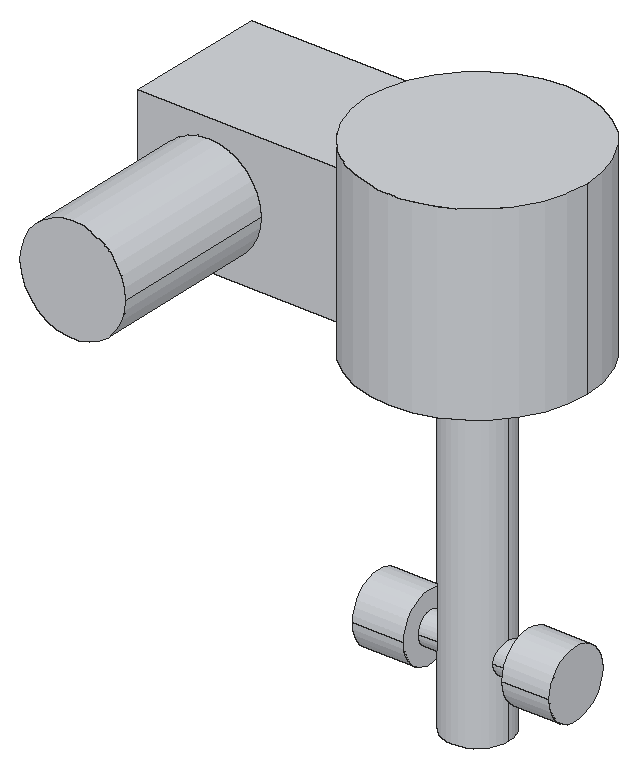
Revit family "ad7ba452affa4f8d8193190e4c87c834", category Pipe Accessories, Revit 2021
Family settings
  Round Connector Dimension = Use Radius
  Part Type = Valve - Breaks Into
  OmniClass Number = 23.65.55.14.17
  OmniClass Title = Adjusting/Controlling Valves for Liquid Services
  Seek Item ID = Solenoid Valve - 0.25-0.375 Inch-0000-USA-ENU
  Work Plane-Based = No
  Always vertical = Yes
  Cut with Voids When Loaded = No
  Shared = No
Parameters (values of type "1/4"")
  Valve Material = none
  Outside Radius = Outside Diameter / 2  # 0' - 0 1/8"
  Outside Diameter = 0' - 0 1/4"
  Nominal Radius = 1/8"
  Nominal Diameter = 2 * Nominal Radius  # 1/4"
  K Coefficient = 0.41
  Flange Radius = Flange Diameter / 2  # 0' - 0 17/64"
  Flange Diameter = 0' - 0 17/32"
  Default Elevation = 0' - 0"
Types (3): name | Outside Radius | Outside Diameter | Nominal Radius | Nominal Diameter | K Coefficient | Flange Radius | Flange Diameter
  (no name) | 0' - 0 1/8" | 0' - 0 1/4" | 1/8" | 1/4" | 0.41 | 0' - 0 17/64" | 0' - 0 17/32"
  1/4" | 0' - 0 1/8" | 0' - 0 1/4" | 1/8" | 1/4" | 0.41 | 0' - 0 17/64" | 0' - 0 17/32"
  3/8" | 0' - 0 3/16" | 0' - 0 3/8" | 3/16" | 3/8" | 1.36 | 0' - 0 11/32" | 0' - 0 11/16"
Reference planes (in)
  plane 1 "Center (Front/Back)": y = 0
  plane 2: z = 0
  plane 3 "Center (Left/Right)": x = 0
  plane 4: x = 0.40625
  plane 5: x = -2.25
  plane 6: x = -1.6875
  plane 7: x = -0.375
  plane 8: x = 0.78125
  plane 9: z = -0.59375
  plane 10: z = 2.09375
  plane 11: z = 3.59375
  plane 12: z = 2.84375
  plane 13: y = -1.90625
  plane 14: z = 0.45105
  plane 15: x = -0.78125
  plane 16: z = 1.25371
Forms (in)
  Extrusion 1, solid, material <- "Valve Material", detail levels fine
    sketch origin (0, 0, 0) x (0, 1, 0) y (0, 0, 1)
      loop
        circle (0, 0) r 0.26562
    from 0.78125 to 0.40625
  Extrusion 2, solid, material <- "Valve Material", detail levels fine
    sketch origin (0, 0, 0) x (0, 1, 0) y (0, 0, -1)
      loop
        circle (0, 0) r 0.26562
    from 0.78125 to 0.375
  Extrusion 3, solid, material <- "Valve Material", detail levels fine
    sketch origin (-0.8125, 0, 0) x (0, 1, 0) y (0, 0, 1)
      loop
        circle (0, 0) r 0.125
    from 1.21875 to 0.4375
  Extrusion 4, solid, material <- "Valve Material", detail levels fine
    sketch origin (0, 0, 0) x (1, 0, 0) y (0, 1, 0)
      loop
        circle (0, 0) r 0.25
    from -0.59375 to 2.09375
  Extrusion 5, solid, material <- "Valve Material", detail levels fine
    sketch origin (0, 0, 0) x (1, 0, 0) y (0, 1, 0)
      loop
        circle (0, 0) r 0.875
    from 2.09375 to 3.59375
  Extrusion 6, solid, material <- "Valve Material", detail levels fine
    sketch origin (0, 0.04232, 0.03427) x (0, 1, 0) y (0, 0, 1)
      loop
        line (0.52855, 3.37198) -> (-0.60482, 3.37198) -> (-0.60482, 2.27765) -> (0.52855, 2.27765) -> (0.52855, 3.37198)
    from 0 to -2.25
  Extrusion 7, solid, material <- "Valve Material", detail levels fine
    sketch origin (0, 0, 0) x (1, 0, 0) y (0, 0, 1)
      loop
        circle (-1.6875, 2.84375) r 0.41888
    from 0 to 1.90625
Cuts and joins
  joined: Extrusion 3, Extrusion 4
  joined: Extrusion 5, Extrusion 6, Extrusion 7
Lines and regions (in)
  model lines, detail levels coarse+medium
    curve 1: line (0, 0, 0) -> (0.78125, 0, 0.45105)
    curve 2: line (0, 0, 0) -> (0.78125, 0, -0.45105)
    curve 3: line (0, 0, 0) -> (-0.78125, 0, 0.45105)
    curve 4: line (0, 0, 0) -> (-0.78125, 0, -0.45105)
    curve 5: line (0.78125, 0, 0.45105) -> (0.78125, 0, -0.45105)
    curve 6: line (-0.78125, 0, 0.45105) -> (-0.78125, 0, -0.45105)
    curve 7: line (-0.78125, 0, 2.09375) -> (0.78125, 0, 2.09375)
    curve 8: arc (-0.03125, 0, 1.41) -> (-0.14712, 0, 1.67666) -> (0.1195, 0, 1.56071) r 0.15625
    curve 9: arc (-0.03125, 0, 1.41) -> (0.08466, 0, 1.14338) -> (-0.182, 0, 1.25921) r 0.15625
    curve 10: line (0.78125, 0, 0.72266) -> (-0.78125, 0, 0.72266)
    curve 11: line (0.78125, 0, 2.09375) -> (0.78125, 0, 0.72266)
    curve 12: line (-0.78125, 0, 2.09375) -> (-0.78125, 0, 0.72266)
    curve 13: line (0, 0, 0) -> (0, 0, 0.72266)
Dimensions and locks (in)
  plane 4 to plane 3 "Center (Left/Right)" = 0' - 0 13/32"
  locked: plane 2 to plane 9 at 0.59375
  locked: plane 10 to plane 2 at 2.09375
  locked: plane 11 to plane 10 at 1.5
  equal spacing: plane 11, plane 12, plane 10
  locked: plane 1 "Center (Front/Back)" to Extrusion 6 at 0.5625
  locked: Extrusion 6 to plane 1 "Center (Front/Back)" at 0.57087
  plane 12 to Extrusion 6 = 0' - 0.53183"
  Extrusion 6 to plane 12 = 0' - 0 9/16"
  locked: plane 1 "Center (Front/Back)" to plane 13 at 1.90625
  "Flange Radius": radius of Extrusion 1 sketch curve
  "Flange Radius": radius of Extrusion 2 sketch curve
  "Outside Radius": radius of Extrusion 3 sketch curve
  radius of Extrusion 4 sketch curve = 0' - 0 1/4"
  aligned and locked: plane 1 "Center (Front/Back)" to Extrusion 1 sketch curve
  aligned and locked: plane 2 to Extrusion 1 sketch curve
  aligned and locked: plane 4 to Extrusion 1
  aligned and locked: plane 8 to Extrusion 1
  aligned and locked: plane 1 "Center (Front/Back)" to Extrusion 3 sketch curve
  aligned and locked: level to Extrusion 3 sketch curve
  aligned and locked: plane 2 to Extrusion 2 sketch curve
  aligned and locked: plane 1 "Center (Front/Back)" to Extrusion 2 sketch curve
  aligned and locked: plane 4 to Extrusion 3
  aligned and locked: Extrusion 3 to plane 7
  aligned and locked: plane 7 to Extrusion 2
  aligned and locked: Extrusion 4 to plane 9
  aligned and locked: plane 10 to Extrusion 4
  aligned and locked: plane 3 "Center (Left/Right)" to Extrusion 5 sketch curve
  aligned and locked: Extrusion 5 to plane 10
  aligned and locked: plane 11 to Extrusion 5
  aligned and locked: plane 3 "Center (Left/Right)" to Extrusion 6
  aligned and locked: Extrusion 6 to plane 5
  aligned and locked: plane 6 to Extrusion 7 sketch curve
  aligned and locked: plane 12 to Extrusion 7 sketch curve
  aligned and locked: Extrusion 7 to plane 13
  aligned and locked: plane 3 "Center (Left/Right)" to curve 2
  aligned and locked: plane 2 to curve 2
  aligned and locked: plane 8 to curve 2
  aligned and locked: curve 5 to plane 8
  aligned and locked: curve 11 to plane 8
  aligned and locked: curve 12 to plane 15
Automatic sketch dimensions
  Extrusion 4 sketch curve to plane 1 "Center (Front/Back)" = 0' - 0"
  Extrusion 4 sketch curve to plane 3 "Center (Left/Right)" = 0' - 0"
  Extrusion 5 sketch curve to plane 1 "Center (Front/Back)" = 0' - 0"
  Extrusion 6 sketch curve to plane 11 = 0' - 0 3/16"
  plane 1 "Center (Front/Back)" to Extrusion 6 sketch curve = 0' - 0 9/16"
  plane 10 to Extrusion 6 sketch curve = 0' - 0.21817"
  Extrusion 6 sketch curve to plane 1 "Center (Front/Back)" = 0' - 0.57087"
  curve 4 to plane 15 = 0' - 0"
  curve 6 to plane 14 = 0' - 0"
  curve 1 to plane 14 = 0' - 0"
  curve 7 to plane 10 = 0' - 0"
  plane 16 to curve 9 = 0' - 0.0055"
  curve 9 to plane 3 "Center (Left/Right)" = 0' - 0.182"
  curve 8 to plane 3 "Center (Left/Right)" = 0' - 0.03665"
  curve 9 to plane 3 "Center (Left/Right)" = 0' - 0 1/32"
  curve 8 to curve 9 = 0' - 0"
  plane 16 to curve 9 = 0' - 0.00014"
  curve 9 to plane 3 "Center (Left/Right)" = 0' - 0.02584"
  plane 3 "Center (Left/Right)" to curve 8 = 0' - 0.1195"
  plane 9 to curve 4 = 0' - 0.1427"
  plane 9 to curve 2 = 0' - 0.1427"
  curve 12 to plane 14 = 0' - 0.2716"
  radius of Extrusion 7 sketch curve = 0' - 0.41888"
  radius of Extrusion 5 sketch curve = 0' - 0 7/8"
Connectors (in)
  piping at (-0.78125, 0, 0), diameter 0.25, driven by "Nominal Radius"
    settings: on Extrusion 2, index 1, connector inside diameter 1/4", connector length 0' - 0", flow factor 0, pipe flow 0 GPM, pressure drop 0.00 psi, fitting loss kfactor 0, connector angle 0.00°, fixture units 0, engagement length 0' - 0", angle of deflection 0.00°, flow configuration 0, flow direction 0, fitting loss method 2, system type 29, joint type 0, gender type 0, connector reference index 2, connector utility 0, adjustable connector no, is connector primary yes, connector description ""
  piping at (0.78125, 0, 0), diameter 0.25, driven by "K Coefficient", driven by "Nominal Radius"
    settings: on Extrusion 1, index 2, connector inside diameter 1/4", connector length 0' - 0", flow factor 0, pipe flow 0 GPM, pressure drop 0.00 psi, fitting loss kfactor 0.41, connector angle 0.00°, fixture units 0, engagement length 0' - 0", angle of deflection 0.00°, flow configuration 0, flow direction 0, fitting loss method 2, system type 29, joint type 0, gender type 0, connector reference index 1, connector utility 0, adjustable connector no, is connector primary no, connector description ""
  electrical at (-2.25, 0.00418, 2.85908)
    settings: on cut or joined group of Extrusion 5, Extrusion 6, Extrusion 7, index 3, voltage 0 V, apparent load 0 VA, apparent load phase1 0 VA, apparent load phase2 0 VA, apparent load phase3 0 VA, power factor 1, load classification "Other", number of poles 1, system type 13, power factor state 1, is connector primary yes, connector utility no, sub classification motor no, connector description ""
